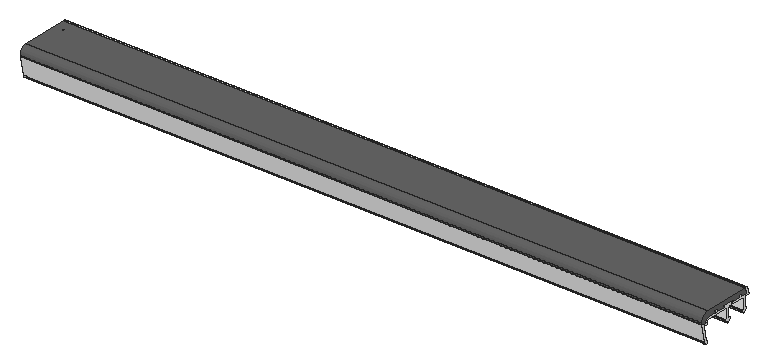
Revit family "Stair_Tread-Wooster-Spectra_Safety_Treads-WP3SP", category Specialty Equipment, host Face, Revit 2017
Family settings
  Host = Face
  Round Connector Dimension = Use Diameter
  Part Type = Normal
  OmniClass Number = 23.30.70.21.11.11.11
  OmniClass Title = Stair Nosings
  Cut with Voids When Loaded = No
  Shared = No
  Room Calculation Point = No
Parameters (values of type "WP3SP")
  Width [instance] = 0' - 3 1/16"  # constant formula
  Version = "2017 - v2.0a"  # constant formula
  URL = "http://www.wooster-products.com/"
  Support Phone = "(224) 699-9545"  # constant formula
  Support Email = "mailto:support@anguleris.com"
  Safety Tread [instance] = Filler - Wooster - Black - Abrasive Filler
  Product Page URL = "http://www.woosterproducts.com/products/extruded-aluminum/spectra/"
  Product Name = "Spectra Nosings"  # constant formula
  Product Documentation Link = "http://www.woosterproducts.com/spec/WP3SP.pdf"
  Model = "WP3SP"
  Material = ""
  Manufacturer Phone Number = "1-800-321-4936 or 330-264-2844"  # constant formula
  Manufacturer Fax Number = "330-262-4151"  # constant formula
  Manufacturer Email = "mailto:tim@wooster-products.com"
  Manufacturer Address = "1000 Spruce Street, P.O. BOX 6005, Wooster, OH. 44691"  # constant formula
  Manufacturer = "Wooster Productions Inc"  # constant formula
  Length Constraint [instance] = if(Length > 10' 0", 10' 0", Length)  # 3' - 0"
  Length [instance] = 3' - 0"
  Description = "Anti-Slip Stair Nosing"  # constant formula
  Depth = 0' - 1 1/2"  # constant formula
  Default Elevation = 0' - 0"  # constant formula
  Copyright = "Wooster Products Inc. 2019"  # constant formula
  Construction Type = "New Construction"  # constant formula
Values of the unnamed type that differ from the named types
  Support Email = ""
  Product Page URL = "http://www.wooster-products.com/Spectra_Safety_Treads.html"
  Product Documentation Link = "http://wooster-products.com/pub/Specs/WP3SP.pdf"
  Manufacturer Email = ""
Reference planes (in)
  plane 1 "Center (Front/Back)": y = 0
  plane 2: z = 0
  plane 3 "Center (Left/Right)": x = 0
  plane 4 "Left": x = -18
  plane 5 "Right": x = 18
  plane 6 "Back": y = 1.53125
  plane 7 "Front": y = -1.53125
  plane 8 "Bottom": z = -1.48437
  plane 9: z = 0.01563
Forms (in)
  Sweep 1, solid, material "Filler - Wooster - Black - Abrasive Filler" <- "Safety Tread"
    path origin (0, 24.08046, 0.01563) x (0, 1, 0) y (-1, 0, 0)
      loop
        line (-22.54921, 18) -> (-22.54921, -18)
    profile "WP3SP Abrasive Filler : WP3SP Abrasive Filler" origin (0, 1.53125, 0.01562) x (0, 1, 0) y (0, 0, 1)
      loop
        line (-0.16566, 0) -> (-2.68796, 0)
        arc (-2.68796, 0) -> (-2.95289, -0.10996) -> (-3.0626, -0.375) r 0.375
        line (-3.0626, -0.375) -> (-3.0626, -0.45755) -> (-2.81086, -0.525)
        arc (-2.81086, -0.525) -> (-2.80628, -0.45011) -> (-2.77377, -0.3825) r 0.195
        line (-2.77377, -0.3825) -> (-2.81059, -0.37263) -> (-2.74412, -0.30617) -> (-2.73425, -0.343)
        arc (-2.73425, -0.343) -> (-2.67905, -0.31418) -> (-2.61757, -0.30424) r 0.195
        line (-2.61757, -0.30424) -> (-2.16307, -0.30424) -> (-2.1881, -0.21085) -> (-2.0631, -0.21085) -> (-2.08812, -0.30424) -> (-1.57914, -0.30424) -> (-1.60416, -0.21085) -> (-1.04319, -0.21085) -> (-1.06821, -0.30424) -> (-0.56908, -0.30424) -> (-0.5941, -0.21085) -> (-0.4691, -0.21085) -> (-0.49412, -0.30424) -> (-0.08414, -0.30424) -> (-0.16566, 0)
  Sweep 2, solid, material "Metal - Wooster - Extruded Aluminum"
    path origin (0, 24.08046, 0.01563) x (0, 1, 0) y (-1, 0, 0)
      loop
        line (-22.54921, 18) -> (-22.54921, -18)
    profile "WP3SP Aluminum Base : WP3SP Aluminum Base" origin (0, 1.53125, 0.01562) x (0, 1, 0) y (0, 0, 1)
      loop
        line (0, -0.37485) -> (-0.10044, 0) -> (-0.16566, 0) -> (-0.08414, -0.30424) -> (-0.49412, -0.30424) -> (-0.4691, -0.21085) -> (-0.5941, -0.21085) -> (-0.56908, -0.30424) -> (-1.06821, -0.30424) -> (-1.04319, -0.21085) -> (-1.60416, -0.21085) -> (-1.57914, -0.30424) -> (-2.08812, -0.30424) -> (-2.0631, -0.21085) -> (-2.1881, -0.21085) -> (-2.16307, -0.30424) -> (-2.61757, -0.30424)
        arc (-2.61757, -0.30424) -> (-2.67905, -0.31418) -> (-2.73425, -0.343) r 0.195
        line (-2.73425, -0.343) -> (-2.74412, -0.30617) -> (-2.81059, -0.37263) -> (-2.77377, -0.3825)
        arc (-2.77377, -0.3825) -> (-2.80628, -0.45011) -> (-2.81086, -0.525) r 0.195
        line (-2.81086, -0.525) -> (-3.0626, -0.45755) -> (-2.85404, -1.41408)
        arc (-2.85404, -1.41408) -> (-2.81592, -1.47574) -> (-2.74754, -1.49985) r 0.109
        line (-2.74754, -1.49985) -> (-2.7426, -1.40191)
        arc (-2.7426, -1.40191) -> (-2.78459, -1.37574) -> (-2.80748, -1.33188) r 0.094
        line (-2.80748, -1.33188) -> (-2.96147, -0.62562)
        arc (-2.96147, -0.62562) -> (-2.94799, -0.5816) -> (-2.90339, -0.57021) r 0.047
        line (-2.90339, -0.57021) -> (-2.7426, -0.61329) -> (-2.7426, -0.49985)
        arc (-2.7426, -0.49985) -> (-2.70591, -0.41139) -> (-2.61739, -0.37485) r 0.125
        line (-2.61739, -0.37485) -> (-1.44575, -0.37485)
        arc (-1.44575, -0.37485) -> (-1.41252, -0.38862) -> (-1.39875, -0.42185) r 0.047
        line (-1.39875, -0.42185) -> (-1.39875, -1.00522) -> (-1.4925, -0.91147) -> (-1.4925, -0.99985) -> (-1.3675, -1.12485) -> (-1.2425, -0.99985) -> (-1.2425, -0.91147) -> (-1.33625, -1.00522) -> (-1.33625, -0.42185)
        arc (-1.33625, -0.42185) -> (-1.32248, -0.38862) -> (-1.28925, -0.37485) r 0.047
        line (-1.28925, -0.37485) -> (-0.3595, -0.37485)
        arc (-0.3595, -0.37485) -> (-0.32627, -0.38862) -> (-0.3125, -0.42185) r 0.047
        line (-0.3125, -0.42185) -> (-0.3125, -1.01419) -> (-0.40625, -0.92044) -> (-0.40625, -0.99985) -> (-0.28125, -1.12485) -> (-0.15625, -0.99985) -> (-0.15625, -0.91147) -> (-0.25, -1.00522) -> (-0.25, -0.42185)
        arc (-0.25, -0.42185) -> (-0.23623, -0.38862) -> (-0.203, -0.37485) r 0.047
        line (-0.203, -0.37485) -> (0, -0.37485)
  Sweep 3, void
    path origin (0, 24.08046, 0.01563) x (0, 1, 0) y (-1, 0, 0)
      loop
        line (-22.54921, -18) -> (-22.54921, 18)
    profile "Void Cut WP3SP : Void Cut WP3SP" origin (0, 1.53125, 0.01562) x (0, -1, 0) y (0, 0, 1)
      loop
        arc (2.6176, -0.37485) -> (2.70598, -0.41147) -> (2.7426, -0.49985) r 0.125
        line (2.7426, -0.49985) -> (2.7426, -0.61329) -> (3.0626, -0.52755) -> (3.0626, 0) -> (0.10044, 0) -> (0, -0.37485) -> (2.6176, -0.37485)
Lines and regions (in)
  Masking region 1
    outline origin (0, 0, 0) x (1, 0, 0) y (0, 1, 0)
      loop
        line (-18, 1.53125) -> (-18, -1.53125) -> (18, -1.53125) -> (18, 1.53125) -> (-18, 1.53125)
Dimensions and locks (in)
  equal spacing: plane 4 "Left", plane 3 "Center (Left/Right)", plane 5 "Right"
  "Length Constraint": plane 4 "Left" to plane 5 "Right"
  equal spacing: plane 7 "Front", plane 1 "Center (Front/Back)", plane 6 "Back"
  "Width": plane 7 "Front" to plane 6 "Back"
  "Depth": plane 9 to plane 8 "Bottom"
  locked: plane 2 to plane 8 "Bottom" at 1.48438
  aligned and locked: plane 2 to host face
  aligned and locked: level to host face
  aligned and locked: plane 5 "Right" to Sweep 1 sketch curve
  aligned and locked: plane 4 "Left" to Sweep 1 sketch curve
  aligned and locked: Sweep 1 sketch curve to plane 6 "Back"
  aligned and locked: plane 5 "Right" to Sweep 2 sketch curve
  aligned and locked: plane 4 "Left" to Sweep 2 sketch curve
  aligned and locked: Sweep 2 sketch curve to plane 6 "Back"
  aligned and locked: plane 6 "Back" to Sweep 3 sketch curve
  aligned and locked: plane 4 "Left" to Sweep 3 sketch curve
  aligned and locked: plane 5 "Right" to Sweep 3 sketch curve
  aligned and locked: Masking region 1 sketch curve to Sweep 1
  aligned and locked: Masking region 1 sketch curve to plane 6 "Back"
  aligned and locked: Masking region 1 sketch curve to plane 7 "Front"
Automatic sketch dimensions
  host sketch curve to host sketch curve = 8' - 0"
  host sketch curve to host sketch curve = 4' - 0"
  Masking region 1 sketch curve to plane 4 "Left" = 0' - 0"
